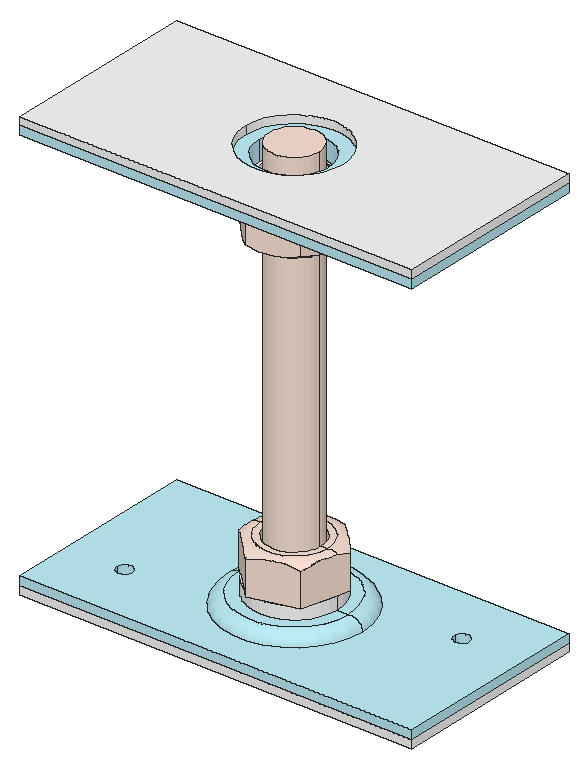
Revit family "GTクイーンプレートタイプ", category 機械設備, Revit 2020
Family settings
  丸型コネクタ寸法 = 直径を使用
  種別 = なし
  パーツ タイプ = 標準
  作業面ベース = いいえ
  常に垂直 = はい
  ロード時にボイドで切り取り = いいえ
  共有 = いいえ
  部屋計算ポイント = いいえ
Parameters
  製造元 = "株式会社桐井製作所"
  既定の高さ = 0 mm
  URL = "https://www.kirii.co.jp/"
  K_名称 = "GTクイーンプレートタイプ"
  K_備考 = "ボルト長さ60mm~250mmまで対応"
  K_バージョン情報 = "20221212"
Reference planes
  plane 1 "中心(正面/背面)": y = 0
  plane 2: z = 0
  plane 3 "中心(左/右)": x = 0
Dimensions and locks
  aligned and locked: level to plane 2
Nested families
  nested 1: "クッションゴムGTクイーン用" at (0.038, 0, 107.3), type "クッションゴムGTクイーン用"
  nested 2: "1／2”ボルト" at (0.038, 0, 0), type "1／2”ボルト"
    with K_長さ(mm) 110 mm
  nested 3: "受け金具GTクイーン用" at (0, 0, 2), type "受け金具GTクイーン用"
  nested 4: "受け金具GTクイーン用" at (0, 0, 107.3) x (1, 0, 0) z (0, 0, -1), type "受け金具GTクイーン用"
  nested 5: "1／2”ナット" at (0.076, 0, 10.2), type "1／2”ナット"
  nested 6: "1／2”スプリングワッシャー" at (0.038, 0, 7), type "1／2”スプリングワッシャー"
  nested 7: "クッションゴムGTクイーン用" at (0, 0, 0), type "クッションゴムGTクイーン用"
  nested 8: "1／2”ナット" at (0.076, 0, 99.1) x (1, 0, 0) z (0, 0, -1), type "1／2”ナット"
  nested 9: "1／2”スプリングワッシャー" at (-0.038, 0, 99.1), type "1／2”スプリングワッシャー"
Definition of nested family "クッションゴムGTクイーン用"
  Parameters (values of type "クッションゴムGTクイーン用")
    Manufacturer = "株式会社桐井製作所"
    Default Elevation = 0 mm
    URL = "https://www.kirii.co.jp/"
    K_材質 = "天然ゴム"
    K_名称 = "クッションゴムGTクイーン用"
    K_単位質量(kg/個) = 0.013
    K_バージョン情報 = "20221219"
    K_JIS規格 = "JIS Ｋ 6386"
  Reference planes
    plane 1 "中心(正面/背面)": y = 0
    plane 2: z = 0
    plane 3 "中心(左/右)": x = 0
  Forms (mm)
    Extrusion 1, solid
      sketch origin (0, 0, -108.4) x (-1, 0, 0) y (0, 0, 1)
        loop
          line (50, 108.4) -> (50, 110.4) -> (-50, 110.4) -> (-50, 108.4) -> (50, 108.4)
      from -25 to 25
    Extrusion 2, void
      sketch origin (0, 0, 0) x (1, 0, 0) y (0, 1, 0)
        loop
          circle (0, 0) r 12.5
      from 0 to 2
  Cuts and joins
    Extrusion 2 cuts Extrusion 1
  Dimensions and locks
    aligned and locked: level to plane 2
Definition of nested family "1／2”ボルト"
  Parameters (values of type "1／2”ボルト")
    Manufacturer = "株式会社桐井製作所"
    Default Elevation = 0 mm
    URL = "https://www.kirii.co.jp/"
    K_長さ(mm) [instance] = 100 mm
    K_表面処理 = "JIS H 8610 電気亜鉛めっき1級以上　JIS H 8625 1級CM1A以上"
    K_材質 = "軟鋼線材　JIS G 3505　同等以上"
    K_名称 = "1/2”ボルト"
    K_単位質量(㎏/mm) = 0.075
    K_バージョン情報 = "20221219"
  Reference planes
    plane 1 "中心(正面/背面)": y = 0
    plane 2: z = 0
    plane 3 "中心(左/右)": x = 0
  Forms (mm)
    Extrusion 1, solid
      sketch origin (0.058, 0, 0) x (1, 0, 0) y (0, 1, 0)
        loop
          circle (-0.02, 0) r 6.35
      from 0 to 100
  Dimensions and locks
    "K_長さ(mm)": Extrusion 1 to Extrusion 1
    aligned and locked: level to plane 2
  Automatic sketch dimensions
    plane 1 "中心(正面/背面)" to Extrusion 1 sketch curve = 0 mm
    plane 3 "中心(左/右)" to Extrusion 1 sketch curve = 0.038 mm
    radius of Extrusion 1 sketch curve = 6.35 mm
Definition of nested family "受け金具GTクイーン用"
  Parameters (values of type "受け金具GTクイーン用")
    Manufacturer = "株式会社桐井製作所"
    Default Elevation = 0 mm
    URL = "https://www.kirii.co.jp/"
    K_表面処理 = "Z12以上"
    K_材質 = "溶融亜鉛めっき鋼板及び鋼帯 JIS G 3302"
    K_名称 = "GTクイーン用受け金具"
    K_単位質量(kg/個) = 0.092
    K_バージョン情報 = "20221219"
  Reference planes
    plane 1 "中心(正面/背面)": y = 0
    plane 2: z = 0
    plane 3 "中心(左/右)": x = 0
  Forms (mm)
    Extrusion 1, solid
      sketch origin (0, 0, 0) x (1, 0, 0) y (0, 0, 1)
        loop
          line (-50, 2.3) -> (-50, 0) -> (50, 0) -> (50, 2.3) -> (-50, 2.3)
      from -25 to 25
    Revolve 2, solid
      sketch origin (0, 0, 0) x (1, 0, 0) y (0, 0, 1)
        loop
          line (0, 5) -> (0, 2.3) -> (17.5, 2.3)
          arc (17.5, 2.3) -> (16.21, 4.247) -> (14, 5) r 3.619
          line (14, 5) -> (0, 5)
        axis (0, 5) -> (0, 2.3)
      angle from 0 to 360
    Extrusion 3, void
      sketch origin (0, 0, 0) x (1, 0, 0) y (0, 1, 0)
        loop
          circle (-0.139, 0) r 9
      from 0 to 5
    Extrusion 4, void
      sketch origin (0, 0, 0) x (1, 0, 0) y (0, 1, 0)
        loop
          circle (-35.139, -10) r 2
        loop
          circle (34.861, 10) r 2
      from 0 to 2.3
  Cuts and joins
    Extrusion 3, Extrusion 4 cuts Extrusion 1
    Extrusion 3, Extrusion 4 cuts Revolve 2
    joined: Extrusion 1, Revolve 2
  Dimensions and locks
    aligned and locked: level to plane 2
Definition of nested family "1／2”ナット"
  Parameters (values of type "1／2”ナット")
    Manufacturer = "株式会社桐井製作所"
    Default Elevation = 0 mm
    URL = "https://www.kirii.co.jp/"
    K_表面処理 = "JIS H 8610 電気亜鉛めっき1級以上　JIS H 8625 1級CM1A以上"
    K_材質 = "軟鋼線材 JIS G 3505 同等以上"
    K_名称 = "1/2\"ナット"
    K_単位質量(kg/個) = 0.021
    K_バージョン情報 = "20221219"
  Reference planes
    plane 1 "中心(正面/背面)": y = 0
    plane 2: z = 0
    plane 3 "中心(左/右)": x = 0
  Forms (mm)
    Revolve 1, solid
      sketch origin (0, 0, 2.36) x (1, 0, 0) y (0, 0, 1)
        loop
          line (7, 7.64) -> (7, -2.36) -> (13, -2.36) -> (13, 4.782)
          arc (13, 4.782) -> (11.208, 6.863) -> (8.573, 7.64) r 4.858
          line (8.573, 7.64) -> (7, 7.64)
        axis (0, 7.64) -> (0, -2.36)
      angle from 0 to 360
    Extrusion 2, void
      sketch origin (0, 0, 0) x (1, 0, 0) y (0, 1, 0)
        loop
          circle (0, 0) r 14
        loop
          line (3.138, 11.711) -> (-8.573, 8.573) -> (-11.711, -3.138) -> (-3.138, -11.711) -> (8.573, -8.573) -> (11.711, 3.138) -> (3.138, 11.711)
      from 0 to 10
  Cuts and joins
    Extrusion 2 cuts Revolve 1
  Dimensions and locks
    aligned and locked: level to plane 2
Definition of nested family "1／2”スプリングワッシャー"
  Parameters (values of type "1／2”スプリングワッシャー")
    Manufacturer = "株式会社桐井製作所"
    Default Elevation = 0 mm
    URL = "https://www.kirii.co.jp/"
    K_表面処理 = "JIS H 8610 電気亜鉛めっき1級以上　JIS H 8625 1級CM1A以上"
    K_材質 = "軟鋼線材 JIS G 3505 同等以上"
    K_名称 = "1/2”スプリングワッシャー"
    K_単位質量(kg/個) = 0.001
    K_バージョン情報 = "20221219"
  Reference planes
    plane 1 "中心(正面/背面)": y = 0
    plane 2: z = 0
    plane 3 "中心(左/右)": x = 0
  Forms (mm)
    Extrusion 1, solid
      sketch origin (0, 0, 0) x (1, 0, 0) y (0, 1, 0)
        loop
          circle (0, 0.162) r 11
        loop
          circle (0, 0.162) r 8
      from 0 to 3.2
  Dimensions and locks
    aligned and locked: level to plane 2
